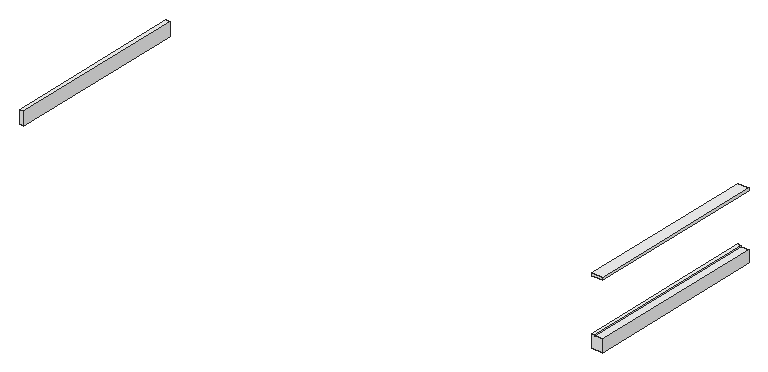
Revit family "Viga_Con_Perfil_Transversal_Bloco_C", category Structural Framing, Revit 2020
Family settings
  Display in Hidden Views = Edges Hidden by Other Members
  Structural Framing Length Roundoff = 0.000 m
  Section Shape = Not Defined
  Material for Model Behavior = Concrete
  Always export as geometry = No
  Work Plane-Based = No
  Always vertical = Yes
  Cut with Voids When Loaded = Yes
  Symbolic Representation = From Family
  Shared = No
  Show family pre-cut in plan views = Yes
Parameters (values of type "VIG_BLC_CON_PRF_C")
  Structural Material [instance] = CT_Concreto
  Material_Vigas_Janelas [instance] = CT_Concreto
  Material_Vigas = CT_Concreto
  Comprimento [instance] = 7.500 m
Reference planes (m)
  plane 1 "Centro (Frente/Trás)": y = 0
  plane 2: z = 0
  plane 3 "Centro (Esquerda/Direita)": x = 0
  plane 4: x = -14.3501
  plane 5: x = 9.6249
  plane 6: y = -7.5
Forms (m)
  Extrusion 1, solid, material "CT_Concreto" <- "Material_Vigas"
    sketch origin (0, 0, 0.06) x (1, 0, 0) y (0, 0, 1)
      loop
        line (9.6249, 4.15) -> (9.6249, 4.65) -> (9.3249, 4.65) -> (9.3249, 4.7) -> (9.1749, 4.7) -> (9.1749, 4.15) -> (9.6249, 4.15)
      loop
        line (-14.3501, 4.15) -> (-14.2001, 4.15) -> (-14.2001, 4.7) -> (-14.3501, 4.7) -> (-14.3501, 4.15)
    from 0 to 7.5
  Extrusion 2, solid, material "CT_Concreto" <- "Material_Vigas_Janelas"
    sketch origin (0, 0, 0.06) x (1, 0, 0) y (0, 0, 1)
      loop
        line (9.6249, 6.92) -> (9.1749, 6.92) -> (9.1749, 6.82) -> (9.6249, 6.82) -> (9.6249, 6.92)
    from 0 to 7.5
Dimensions and locks (m)
  plane 5 to plane 3 "Centro (Esquerda/Direita)" to plane 4 = 9.6249 m locked, 14.3501 m locked
  "Comprimento": plane 1 "Centro (Frente/Trás)" to plane 6
  aligned and locked: level to plane 2
  aligned and locked: plane 6 to Extrusion 2
  aligned and locked: plane 6 to Extrusion 1
Automatic sketch dimensions
  Extrusion 1 sketch curve to plane 4 = 0.000 m
  Extrusion 1 sketch curve to plane 5 = 0.000 m
  plane 4 to Extrusion 1 sketch curve = 0.150 m
  Extrusion 1 sketch curve to Extrusion 1 sketch curve = 0.450 m
  Extrusion 1 sketch curve to Extrusion 1 sketch curve = 0.150 m
  level to Extrusion 1 sketch curve = 4.210 m  (x2)
  Extrusion 1 sketch curve to Extrusion 1 sketch curve = 0.500 m
  Extrusion 1 sketch curve to Extrusion 1 sketch curve = 0.050 m
  Extrusion 1 sketch curve to Extrusion 1 sketch curve = 0.550 m
  Extrusion 2 sketch curve to plane 5 = 0.000 m
  Extrusion 2 sketch curve to plane 5 = 0.450 m
  level to Extrusion 2 sketch curve = 6.880 m
  Extrusion 2 sketch curve to Extrusion 2 sketch curve = 0.100 m
